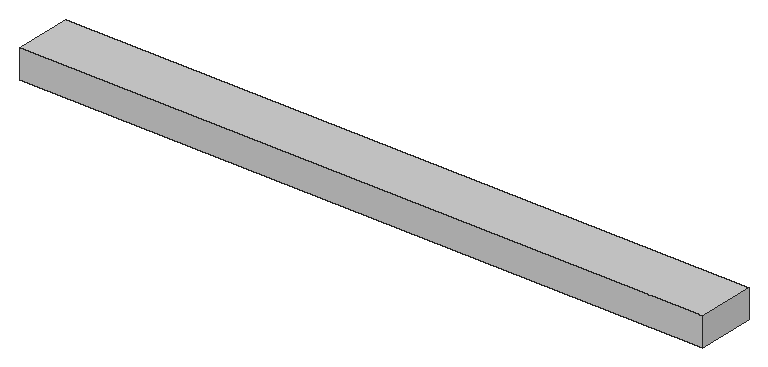
Revit family "e7fb1636b2134d9cb243e06ff883f6a8", category Structural Stiffeners, Revit 2021
Family settings
  OmniClass Number = 23.25.30.11.27
  OmniClass Title = Vibration and Earthquake Controls
  Seek Item ID = Linear Stiffener-Plate-0000-USA-ENU
  Cut with Voids When Loaded = No
  Shared = No
Parameters (values of type "Standard")
  d [instance] = 0' - 0 1/2"
  b [instance] = 0' - 1"
  Stiffener Material [instance] = Steel ASTM A36
  built-in parameter 1001306 [instance] = 1' - 0"
Reference planes (in)
  plane 1 "Center (Front/Back)": y = 0
  plane 2: z = 0
  plane 3 "Left": x = 0
  plane 4 "Right": x = 12
Forms (in)
  Sweep 1, solid, material "Steel ASTM A36" <- "Stiffener Material", detail levels medium+fine
    path in 3D
      loop
        line (0, 0, 0) -> (12, 0, 0)
    profile origin (6, 0, 0) x (0, 1, 0) y (0, 0, 1)
      loop
        line (-1, 0.5) -> (-1, 0) -> (0, 0) -> (0, 0.5) -> (-1, 0.5)
Lines and regions (in)
  reference lines
    curve 1: line (0, 0, 0) -> (12, 0, 0)
  sketch lines
    curve 2: line (0, 0, 0) -> (12, 0, 0)
Dimensions and locks (in)
  "built-in parameter 1001306": plane 3 "Left" to plane 4 "Right"
  "b": Sweep 1 sketch curve to Sweep 1 sketch curve
  "d": Sweep 1 sketch curve to Sweep 1 sketch curve
  aligned and locked: plane 4 "Right" to curve 1
  aligned and locked: plane 1 "Center (Front/Back)" to curve 1
  aligned and locked: plane 3 "Left" to curve 1
  aligned and locked: profile plane to Sweep 1 sketch curve  (x2)
